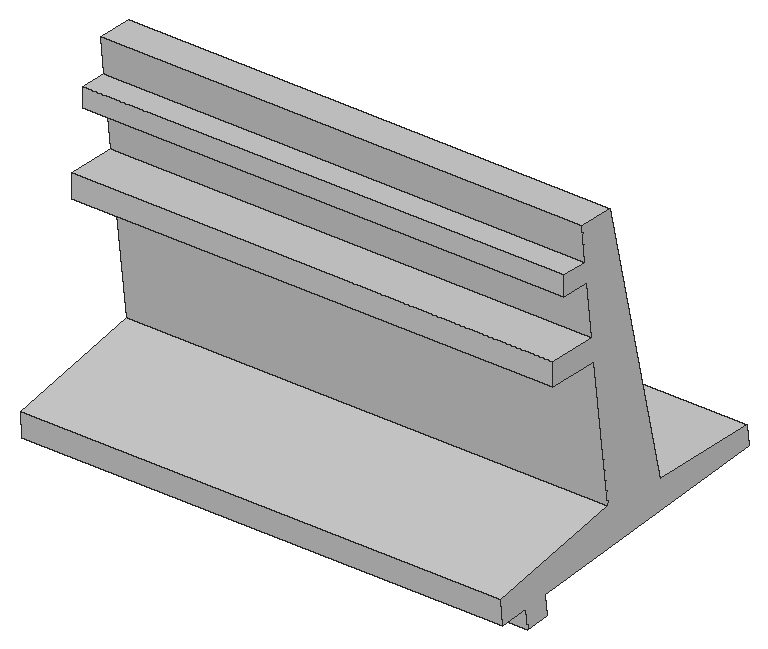
Revit family "M_ParedesdeRetenção_Par_Família_Prateleira2_Chave", category Fundações estruturais, Revit 2019
Family settings
  Material para o comportamento do modelo = Outros
  Cap = Não
  Número OmniClass = 23.10.20.14
  Título OmniClass = Retaining Walls
  ID de item do Seek = RetainingWall_Par_Family_Shelf2_Key-0000-CAN-ENU
  Com base no plano de trabalho = Não
  Sempre na vertical = Sim
  Corte com vazios quando carregada = Não
  Compartilhado = Não
Parameters (values of type "Padrão")
  hdiff = h3 - h4  # 52.686 mm
  h7 = h4 - h6  # 2837.275 mm
  h6 = Gw1 * tan(Alfa - Beta)  # -10.476 mm
  h4 = (H - Gf3 * cos(Alfa) + Bw * sin(Alfa)) / cos(Beta)  # 2826.799 mm
  h3 = (H - Gf3 * cos(Alfa) + (Bw + Gw2) * sin(Alfa)) / cos(Beta)  # 2879.485 mm
  h2 = (Bw + Gw2) * sin(Alfa)  # 156.88 mm
  h1 = Gf4 * cos(Alfa)  # 398.478 mm
  TmpBs2 = Gf4 * sin(Alfa) + (Bw + Gw2) * cos(Alfa) + (H - Hs2 - Gs2 - h1 + h2) * sin(Beta) + Bs2  # 2540.873 mm
  TmpBs1 = Gf4 * sin(Alfa) + (Bw + Gw2) * cos(Alfa) + (H - Hs1 - Gs1 - h1 + h2) * sin(Beta) + Bs1  # 2395.931 mm
  Tmp2 = (Bw + Gf3 * tan(Alfa - Gama)) * cos(Alfa - Gama)  # 1146.31 mm
  Tmp1 = (Bw + Gw2 + Gf4 * tan(Alfa - Beta)) * cos(Alfa - Beta)  # 1784.944 mm
  Structural Material [instance] = Concreto - Moldado in loco
  Comprimento = 5000 mm
  Hs2 = 1100 mm
  Hs1 = 360 mm
  Hk = 200 mm
  H = 3000 mm
  Gw2 = 600 mm
  Gw1 = 300 mm
  Gs2 = 240 mm
  Gs1 = 200 mm
  Gk = 250 mm
  Gf4 = 400 mm
  Gf3 = 300 mm
  Gf2 = 250 mm
  Gf1 = 200 mm
  Gama2 = atan((Gw2 * cos(Alfa - Beta) - Gw1 * cos(Alfa - Beta)) / h7)  # 6.03211°
  Gama = Gama2 + Beta  # 13.0321°
  Bw = 1200 mm
  Bs2 = 540 mm
  Bs1 = 300 mm
  Bk = 300 mm
  Beta = 7.00°
  B = 3200 mm
  Assembly Code = ""
  Alfa = 5.00°
Reference planes
  plane 1 "Centro (Frente/Trás)": y = 0
  plane 2: z = 0
  plane 3 "Centro (Esquerda/Direita)": x = 0
  plane 4: z = 3000
  plane 5: x = 5000
  plane 6: z = 2640
  plane 7: z = 2440
  plane 8: y = -2395.931
  plane 9: z = 1900
  plane 10: z = 1660
  plane 11: y = -2540.873
Forms (mm)
  Sweep 1, solid, material "Concreto - Moldado in loco" <- "Structural Material"
    path origin (0, 0, 0) x (1, 0, 0) y (0, 1, 0)
      loop
        line (0, 0) -> (5000, 0)
    profile "M_Prateleira2-Perfil_Chave : M_Prateleira2-Perfil_Chave" origin (2500, 0, 0) x (0, 1, 0) y (0, 0, 1)
      loop
        line (-1801.553, 3000) -> (-2166.702, 3000) -> (-2122.5, 2640) -> (-2395.931, 2640) -> (-2395.931, 2440) -> (-2097.943, 2440) -> (-2031.639, 1900) -> (-2540.873, 1900) -> (-2540.873, 1660) -> (-2002.171, 1660) -> (-1828.013, 241.598) -> (-3209.612, -29.85) -> (-3187.823, -278.898) -> (-2888.965, -252.752) -> (-2871.533, -451.991) -> (-2622.485, -430.202) -> (-2639.916, -230.963) -> (0, 0) -> (-17.431, 199.239) -> (-1153.521, 200.226) -> (-1801.553, 3000)
Dimensions and locks
  "H": plane 4 to plane 2
  "Comprimento": plane 3 "Centro (Esquerda/Direita)" to plane 5
  "Hs1": plane 4 to plane 6
  "Gs1": plane 6 to plane 7
  "TmpBs1": plane 8 to plane 1 "Centro (Frente/Trás)"
  "Hs2": plane 4 to plane 9
  "Gs2": plane 9 to plane 10
  "TmpBs2": plane 1 "Centro (Frente/Trás)" to plane 11
  aligned and locked: plane 1 "Centro (Frente/Trás)" to Sweep 1 sketch curve
  aligned and locked: plane 3 "Centro (Esquerda/Direita)" to Sweep 1 sketch curve
  aligned and locked: plane 5 to Sweep 1 sketch curve
